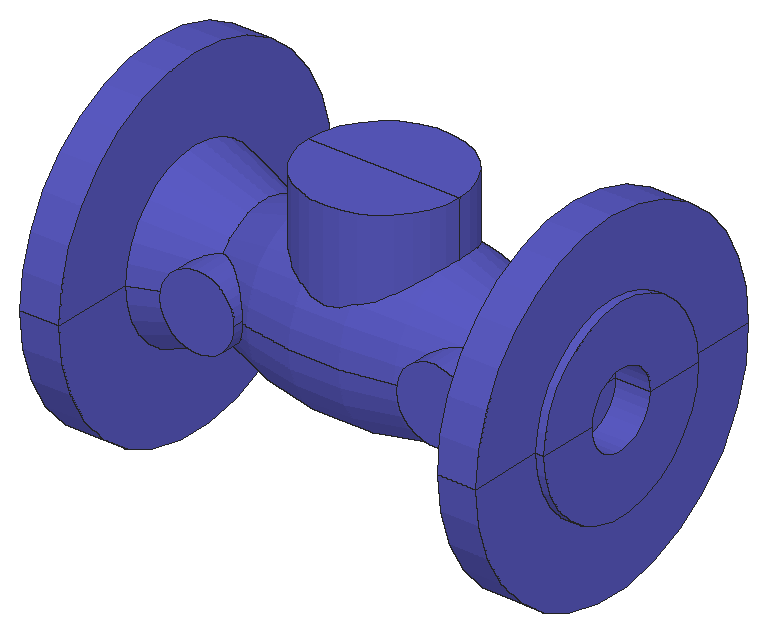
Revit family "HERZ Circuit chutoff valve 4218 AGF", category Rohrzubehör, Revit 2021
Family settings
  Bemaßung runder Anschluss = Durchmesser verwenden
  Teiletyp = Unterbricht
  Arbeitsebenenbasiert = Nein
  Immer vertikal = Ja
  Beim Laden mit Abzugskörper schneiden = Nein
  Gemeinsam genutzt = Nein
Parameters
  w = 10.00°  # constant formula
  Vorgabe-Ansicht = 0.00 mm
  Screw [instance] = if(Nennweite = 15.00 mm, "4x M12x50", if(Nennweite = 20.00 mm, "4x M12x55", if(Nennweite = 25.00 mm, "4x M12x55", if(Nennweite = 32.00 mm, "4x M16x60", if(Nennweite = 40.00 mm, "4x M16x60", if(Nennweite = 50.00 mm, "4x M16x60", if(Nennweite = 65.00 mm, "4x M16x60", if(Nennweite = 80.00 mm, "8x M16x65", if(Nennweite = 100.00 mm, "8x M16x65", if(Nennweite = 125.00 mm, "8x M16x70", if(Nennweite = 150.00 mm, "8x M20x70", if(Nennweite = 200.00 mm, "12x M20x75", if(Nennweite = 250.00 mm, "12x M24x85", if(Nennweite = 300.00 mm, "12x M24x85", if(Nennweite = 350.00 mm, "16x M24x90", "16x M27x100")))))))))))))))  # "4x M12x50"
  Medium = "Heating water quality according ÖNORM H5195 or VDI-Standard 2035. The use of ethylene or propylene glycol in a\nmixing ratio 25- 50% is allowed."
  Max. operating temperature up to DN 32 = 130 °C  # constant formula
  Max. operating temperature from DN 40 = 110 °C  # constant formula
  Max. operating pressure = 1600000.0 Pa  # constant formula
  m2 [instance] = size_lookup("4218_AGF", "m2", 22.00 mm, Nennweite)  # 22.00 mm
  m1 [instance] = 27.59 mm  # constant formula
  d1 [instance] = size_lookup("4218_AGF", "d1", 25.00 mm, Nennweite)  # 25.00 mm
  Valve = "upper part made of brass"  # constant formula
  Valve body = "cast iron GJL 250 according to EN 1561"  # constant formula
  URL = "www.herzvalves.com"
  SCRNSEQ = "ARM;ARM_TYP=\"ABSV\";2"
  SCRNCODE = "05;11;2"  # constant formula
  R05 [instance] = size_lookup("4218_AGF", "R05", 45.00 mm, Nennweite)  # 45.00 mm
  R04 [instance] = size_lookup("4218_AGF", "R04", 25.50 mm, Nennweite)  # 25.50 mm
  R03 [instance] = size_lookup("4218_AGF", "R03", 30.00 mm, Nennweite)  # 30.00 mm
  R02 [instance] = size_lookup("4218_AGF", "R02", 21.15 mm, Nennweite)  # 21.15 mm
  R01 [instance] = size_lookup("4218_AGF", "R01", 29.50 mm, Nennweite)  # 29.50 mm
  O-rings = "EPDM"  # constant formula
  Nennweite [instance] = 15.00 mm
  Lk [instance] = size_lookup("4218_AGF", "Lk", 32.50 mm, Nennweite)  # 32.50 mm
  L05 [instance] = 34.16 mm  # constant formula
  L04 [instance] = size_lookup("4218_AGF", "L04", 40.00 mm, Nennweite)  # 40.00 mm
  L03 [instance] = size_lookup("4218_AGF", "L03", 42.00 mm, Nennweite)  # 42.00 mm
  L02 [instance] = size_lookup("4218_AGF", "L02", 3.00 mm, Nennweite)  # 3.00 mm
  L01 [instance] = size_lookup("4218_AGF", "L01", 13.00 mm, Nennweite)  # 13.00 mm
  L [instance] = size_lookup("4218_AGF", "L", 160.00 mm, Nennweite)  # 160.00 mm
  Hersteller = "HERZ-Armaturen Ges.m.b.H."  # constant formula
  Dfl [instance] = size_lookup("4218_AGF", "Dfl", 57.50 mm, Nennweite)  # 57.50 mm
  DN80 [instance] = Nennweite = 80.00 mm  # no
  DN65-80 [instance] = or(Nennweite = 65.00 mm, Nennweite = 80.00 mm)  # no
  DN65 [instance] = Nennweite = 65.00 mm  # no
  DN50-80 [instance] = or(Nennweite = 50.00 mm, Nennweite = 65.00 mm, Nennweite = 80.00 mm)  # no
  DN50 [instance] = Nennweite = 50.00 mm  # no
  DN40 [instance] = Nennweite = 40.00 mm  # no
  DN32 [instance] = Nennweite = 32.00 mm  # no
  DN32-40 [instance] = or(Nennweite = 32.00 mm, Nennweite = 40.00 mm)  # no
  DN25-40 [instance] = or(Nennweite = 25.00 mm, Nennweite = 32.00 mm, Nennweite = 40.00 mm)  # no
  DN25 [instance] = Nennweite = 25.00 mm  # no
  D [instance] = size_lookup("4218_AGF", "D", 12.50 mm, Nennweite)  # 12.50 mm
  Part number [instance] = size_lookup("4218_AGF", "Artnr", 0, Nennweite)  # 0
  B [instance] = size_lookup("4218_AGF", "B", 58.00 mm, Nennweite)  # 58.00 mm
  Application = "For isolation in heating or cooling installations, risers, heat exchangers, heating and cooling systems."
Reference planes
  plane 1 "Mitte (Vorne/hinten)": y = 0
  plane 2: z = 0
  plane 3 "Mitte (Links/rechts)": x = 0
Forms (mm)
  Revolve 1, solid, material "Herz-Marineblau", detail levels fine
    sketch origin (1065, 0, 0) x (1, 0, 0) y (0, 1, 0)
      loop
        line (-1142, 57.5) -> (-1142, 32.5) -> (-1145, 32.5) -> (-1145, 12.5) -> (-1135, 12.5) -> (-1135, 0) -> (-997, 0) -> (-997, 12.5) -> (-985, 12.5) -> (-985, 32.5) -> (-988, 32.5) -> (-988, 57.5) -> (-1001, 57.5) -> (-1001, 29.5) -> (-1024.25, 21.15)
        arc (-1024.25, 21.15) -> (-1065, 30) -> (-1105.75, 21.15) r 98.242
        line (-1105.75, 21.15) -> (-1129, 29.5) -> (-1129, 57.5) -> (-1142, 57.5)
      axis (-985, 0) -> (-1145, 0)
    angle from 0 to 360
  Extrusion 2, solid, material "Herz-Marineblau", visible <- "DN25", detail levels fine
    sketch origin (0, 0, 0) x (1, 0, 0) y (0, 1, 0)
      loop
        arc (-40.75, -24.228) -> (0.085, -32.958) -> (40.917, -24.217) r 99.801
        line (40.917, -24.217) -> (40.917, 24.217)
        arc (40.917, 24.217) -> (0.085, 32.958) -> (-40.75, 24.228) r 99.801
        line (-40.75, 24.228) -> (-40.75, -24.228)
    from -12.5 to 12.5
  Extrusion 3, solid, material "Herz-Marineblau"
    sketch origin (0, 0, 0) x (1, 0, 0) y (0, 0, 1)
      loop
        circle (-40, 0) r 12.5
      loop
        circle (40, 0) r 12.5
    from -29 to 29
  Revolve 4, solid, visible <- "DN25"
    sketch origin (0, 0, 0) x (1, 0, 0) y (0, 0, 1)
      loop
        line (-42.018, 32) -> (-37.406, 5.845) -> (-26.573, 7.755) -> (-31.185, 33.91) -> (-42.018, 32)
      axis (-42.018, 32) -> (-37.406, 5.845)
    angle from 0 to 360
  Revolve 5, solid, visible <- "DN25"
    sketch origin (0, 0, 0) x (-1, 0, 0) y (0, 0, 1)
      loop
        line (-42.018, 32) -> (-37.406, 5.845) -> (-26.573, 7.755) -> (-31.185, 33.91) -> (-42.018, 32)
      axis (-42.018, 32) -> (-37.406, 5.845)
    angle from 0 to 360
  Revolve 6, solid, visible <- "DN32"
    sketch origin (-6, 0, 0) x (1, 0, 0) y (0, 0, 1)
      loop
        line (-42.018, 32) -> (-37.406, 5.845) -> (-26.573, 7.755) -> (-31.185, 33.91) -> (-42.018, 32)
      axis (-42.018, 32) -> (-37.406, 5.845)
    angle from 0 to 360
  Revolve 7, solid, visible <- "DN32"
    sketch origin (6, 0, 0) x (-1, 0, 0) y (0, 0, 1)
      loop
        line (-42.018, 32) -> (-37.406, 5.845) -> (-26.573, 7.755) -> (-31.185, 33.91) -> (-42.018, 32)
      axis (-42.018, 32) -> (-37.406, 5.845)
    angle from 0 to 360
  Revolve 8, solid, visible <- "DN40"
    sketch origin (-10, 0, 6) x (1, 0, 0) y (0, 0, 1)
      loop
        line (-42.018, 32) -> (-37.406, 5.845) -> (-26.573, 7.755) -> (-31.185, 33.91) -> (-42.018, 32)
      axis (-42.018, 32) -> (-37.406, 5.845)
    angle from 0 to 360
  Revolve 9, solid, visible <- "DN40"
    sketch origin (10, 0, 6) x (-1, 0, 0) y (0, 0, 1)
      loop
        line (-42.018, 32) -> (-37.406, 5.845) -> (-26.573, 7.755) -> (-31.185, 33.91) -> (-42.018, 32)
      axis (-42.018, 32) -> (-37.406, 5.845)
    angle from 0 to 360
  Revolve 10, solid, visible <- "DN50"
    sketch origin (-23, 0, 16) x (1, 0, 0) y (0, 0, 1)
      loop
        line (-42.018, 32) -> (-37.406, 5.845) -> (-26.573, 7.755) -> (-31.185, 33.91) -> (-42.018, 32)
      axis (-42.018, 32) -> (-37.406, 5.845)
    angle from 0 to 360
  Revolve 11, solid, visible <- "DN50"
    sketch origin (23, 0, 16) x (-1, 0, 0) y (0, 0, 1)
      loop
        line (-42.018, 32) -> (-37.406, 5.845) -> (-26.573, 7.755) -> (-31.185, 33.91) -> (-42.018, 32)
      axis (-42.018, 32) -> (-37.406, 5.845)
    angle from 0 to 360
  Revolve 12, solid, visible <- "DN65"
    sketch origin (-35, 0, 28) x (1, 0, 0) y (0, 0, 1)
      loop
        line (-42.018, 32) -> (-34.219, -12.231) -> (-18.954, -9.539) -> (-26.753, 34.692) -> (-42.018, 32)
      axis (-42.018, 32) -> (-34.219, -12.231)
    angle from 0 to 360
  Revolve 13, solid, visible <- "DN65"
    sketch origin (35, 0, 28) x (-1, 0, 0) y (0, 0, 1)
      loop
        line (-42.018, 32) -> (-34.219, -12.231) -> (-18.954, -9.539) -> (-26.753, 34.692) -> (-42.018, 32)
      axis (-42.018, 32) -> (-34.219, -12.231)
    angle from 0 to 360
  Revolve 14, solid, visible <- "DN80"
    sketch origin (-43, 0, 33) x (1, 0, 0) y (0, 0, 1)
      loop
        line (-42.018, 32) -> (-34.219, -12.231) -> (-18.954, -9.539) -> (-26.753, 34.692) -> (-42.018, 32)
      axis (-42.018, 32) -> (-34.219, -12.231)
    angle from 0 to 360
  Revolve 15, solid, visible <- "DN80"
    sketch origin (43, 0, 33) x (-1, 0, 0) y (0, 0, 1)
      loop
        line (-42.018, 32) -> (-34.219, -12.231) -> (-18.954, -9.539) -> (-26.753, 34.692) -> (-42.018, 32)
      axis (-42.018, 32) -> (-34.219, -12.231)
    angle from 0 to 360
  Revolve 16, solid, material "Herz-Marineblau"
    sketch origin (0, 0, 0) x (1, 0, 0) y (0, 0, 1)
      loop
        line (-0.018, 0) -> (25.5, 0) -> (25.5, 45) -> (-0.018, 45) -> (-0.018, 0)
      axis (-0.018, 45) -> (-0.018, 0)
    angle from 0 to 360
  Extrusion 17, solid, material "Herz-Marineblau", visible <- "DN32", detail levels fine
    sketch origin (0, 5, 0) x (1, 0, 0) y (0, 1, 0)
      loop
        arc (-50, -30.504) -> (0, -44.033) -> (50, -30.504) r 99.158
        line (50, -30.504) -> (50, 20.504)
        arc (50, 20.504) -> (0, 34.033) -> (-50, 20.504) r 99.158
        line (-50, 20.504) -> (-50, -30.504)
    from -12.5 to 12.5
  Extrusion 18, solid, material "Herz-Marineblau", visible <- "DN40", detail levels fine
    sketch origin (0, 7.139, 0) x (1, 0, 0) y (0, 1, 0)
      loop
        arc (-58.75, -37.243) -> (-0.086, -48.157) -> (58.607, -37.396) r 164.275
        line (58.607, -37.396) -> (58.607, 23.118)
        arc (58.607, 23.118) -> (-0.086, 33.878) -> (-58.75, 22.964) r 164.275
        line (-58.75, 22.964) -> (-58.75, -37.243)
    from -12.5 to 12.5
  Extrusion 19, solid, material "Herz-Marineblau", visible <- "DN50", detail levels fine
    sketch origin (0, 12.139, 0) x (1, 0, 0) y (0, 1, 0)
      loop
        arc (-70, -51.365) -> (-0.006, -58.136) -> (70, -51.487) r 368.507
        line (70, -51.487) -> (70, 27.208)
        arc (70, 27.208) -> (-0.006, 33.857) -> (-70, 27.086) r 368.507
        line (-70, 27.086) -> (-70, -51.365)
    from -12.5 to 12.5
  Extrusion 20, solid, material "Herz-Marineblau", visible <- "DN65", detail levels fine
    sketch origin (0, 17.139, 0) x (1, 0, 0) y (0, 1, 0)
      loop
        line (-89.879, 31.045) -> (-89.879, -65.324)
        arc (-89.879, -65.324) -> (0.112, -71.41) -> (90.111, -65.45) r 675.309
        line (90.111, -65.45) -> (90.111, 31.171)
        arc (90.111, 31.171) -> (0.112, 37.132) -> (-89.879, 31.045) r 675.309
    from -12.5 to 12.5
  Extrusion 21, solid, material "Herz-Marineblau", visible <- "DN80", detail levels fine
    sketch origin (0, 23.908, 0) x (1, 0, 0) y (0, 1, 0)
      loop
        line (-95.924, 29.668) -> (-95.924, -77.484)
        arc (-95.924, -77.484) -> (1.171, -81.507) -> (98.253, -77.179) r 1130.914
        line (98.253, -77.179) -> (98.253, 29.363)
        arc (98.253, 29.363) -> (1.171, 33.69) -> (-95.924, 29.668) r 1130.914
    from -12.5 to 12.5
  Revolve 22, solid, material "Messing, weicher Gelbton, geschweißt", visible <- "DN25"
    sketch origin (0, 0, 0) x (1, 0, 0) y (0, 0, 1)
      loop
        line (-15.927, 65) -> (-15.927, 50) -> (-24.821, 50) -> (-24.821, 45) -> (-0.018, 45) -> (-0.018, 87.982) -> (-7.018, 87.982) -> (-10.561, 84.439) -> (-10.561, 65) -> (-15.927, 65)
      axis (-0.018, 87.982) -> (-0.018, 45)
    angle from 0 to 360
  Revolve 23, solid, material "Messing, weicher Gelbton, geschweißt", visible <- "DN32-40"
    sketch origin (0, 0, 5) x (1, 0, 0) y (0, 0, 1)
      loop
        line (-15.927, 65) -> (-15.927, 50) -> (-24.821, 50) -> (-24.821, 45) -> (-0.018, 45) -> (-0.018, 82.982) -> (-7.018, 82.982) -> (-10.561, 79.439) -> (-10.561, 65) -> (-15.927, 65)
      axis (-0.018, 82.982) -> (-0.018, 45)
    angle from 0 to 360
  Revolve 24, solid, material "Messing, weicher Gelbton, geschweißt", visible <- "DN50"
    sketch origin (0, 0, 0) x (1, 0, 0) y (0, 0, 1)
      loop
        line (-30.605, 80.5) -> (-30.605, 65.5) -> (-39.5, 65.5) -> (-39.5, 60.5) -> (0, 60.5) -> (0, 103) -> (-17.179, 103) -> (-25.239, 94.939) -> (-25.239, 80.5) -> (-30.605, 80.5)
      axis (0, 103) -> (0, 60.5)
    angle from 0 to 360
  Revolve 25, solid, material "Messing, weicher Gelbton, geschweißt", visible <- "DN65-80"
    sketch origin (0, 0, 7.5) x (1, 0, 0) y (0, 0, 1)
      loop
        line (-30.605, 80.5) -> (-30.605, 65.5) -> (-39.5, 65.5) -> (-39.5, 60.5) -> (0, 60.5) -> (0, 95.5) -> (-17.179, 95.5) -> (-25.239, 87.439) -> (-25.239, 80.5) -> (-30.605, 80.5)
      axis (0, 95.5) -> (0, 60.5)
    angle from 0 to 360
  Extrusion 26, solid, material "Messing, weicher Gelbton, geschweißt", visible <- "DN25"
    sketch origin (0.537, 0, 6.073) x (0.984808, 0, 0.173648) y (0, 1, 0)
      loop
        line (-26.573, 0) -> (-31.989, 9.382) -> (-42.822, 9.382) -> (-48.239, 0) -> (-42.822, -9.382) -> (-31.989, -9.382) -> (-26.573, 0)
    from 32.922 to 35.92
  Extrusion 27, solid, material "Messing, weicher Gelbton, geschweißt", visible <- "DN40"
    sketch origin (-9.463, 0, 12.073) x (0.984808, 0, 0.173648) y (0, 1, 0)
      loop
        line (-26.573, 0) -> (-31.989, 9.382) -> (-42.822, 9.382) -> (-48.239, 0) -> (-42.822, -9.382) -> (-31.989, -9.382) -> (-26.573, 0)
    from 32.922 to 35.92
  Extrusion 28, solid, material "Messing, weicher Gelbton, geschweißt", visible <- "DN50"
    sketch origin (-22.463, 0, 22.073) x (0.984808, 0, 0.173648) y (0, 1, 0)
      loop
        line (-26.573, 0) -> (-31.989, 9.382) -> (-42.822, 9.382) -> (-48.239, 0) -> (-42.822, -9.382) -> (-31.989, -9.382) -> (-26.573, 0)
    from 32.922 to 35.92
  Extrusion 29, solid, material "Messing, weicher Gelbton, geschweißt", visible <- "DN80"
    sketch origin (-40.926, 0, 36.434) x (0.984808, 0, 0.173648) y (0, 1, 0)
      loop
        line (-24.656, 0) -> (-31.558, 11.956) -> (-45.364, 11.956) -> (-52.266, 0) -> (-45.364, -11.956) -> (-31.558, -11.956) -> (-24.656, 0)
    from 35.788 to 38.79
  Extrusion 30, solid, material "Messing, weicher Gelbton, geschweißt", visible <- "DN32"
    sketch origin (-5.463, 0, 6.073) x (0.984808, 0, 0.173648) y (0, 1, 0)
      loop
        line (-26.573, 0) -> (-31.989, 9.382) -> (-42.822, 9.382) -> (-48.239, 0) -> (-42.822, -9.382) -> (-31.989, -9.382) -> (-26.573, 0)
    from 32.922 to 35.92
  Extrusion 31, solid, material "Messing, weicher Gelbton, geschweißt", visible <- "DN25"
    sketch origin (-0.537, 0, 6.073) x (-0.984808, 0, 0.173648) y (0, -1, 0)
      loop
        line (-26.573, 0) -> (-31.989, 9.382) -> (-42.822, 9.382) -> (-48.239, 0) -> (-42.822, -9.382) -> (-31.989, -9.382) -> (-26.573, 0)
    from 32.922 to 35.92
  Extrusion 32, solid, material "Messing, weicher Gelbton, geschweißt", visible <- "DN40"
    sketch origin (9.463, 0, 12.073) x (-0.984808, 0, 0.173648) y (0, -1, 0)
      loop
        line (-26.573, 0) -> (-31.989, 9.382) -> (-42.822, 9.382) -> (-48.239, 0) -> (-42.822, -9.382) -> (-31.989, -9.382) -> (-26.573, 0)
    from 32.922 to 35.92
  Extrusion 33, solid, material "Messing, weicher Gelbton, geschweißt", visible <- "DN50"
    sketch origin (22.463, 0, 22.073) x (-0.984808, 0, 0.173648) y (0, -1, 0)
      loop
        line (-26.573, 0) -> (-31.989, 9.382) -> (-42.822, 9.382) -> (-48.239, 0) -> (-42.822, -9.382) -> (-31.989, -9.382) -> (-26.573, 0)
    from 32.922 to 35.92
  Extrusion 34, solid, material "Messing, weicher Gelbton, geschweißt", visible <- "DN32"
    sketch origin (5.463, 0, 6.073) x (-0.984808, 0, 0.173648) y (0, -1, 0)
      loop
        line (-26.573, 0) -> (-31.989, 9.382) -> (-42.822, 9.382) -> (-48.239, 0) -> (-42.822, -9.382) -> (-31.989, -9.382) -> (-26.573, 0)
    from 32.922 to 35.92
  Extrusion 35, solid, material "Messing, weicher Gelbton, geschweißt", visible <- "DN65"
    sketch origin (-32.926, 0, 31.434) x (0.984808, 0, 0.173648) y (0, 1, 0)
      loop
        line (-24.656, 0) -> (-31.558, 11.956) -> (-45.364, 11.956) -> (-52.266, 0) -> (-45.364, -11.956) -> (-31.558, -11.956) -> (-24.656, 0)
    from 35.788 to 38.79
  Extrusion 36, solid, material "Messing, weicher Gelbton, geschweißt", visible <- "DN80"
    sketch origin (40.926, 0, 36.434) x (-0.984808, 0, 0.173648) y (0, -1, 0)
      loop
        line (-24.656, 0) -> (-31.558, 11.956) -> (-45.364, 11.956) -> (-52.266, 0) -> (-45.364, -11.956) -> (-31.558, -11.956) -> (-24.656, 0)
    from 35.788 to 38.79
  Extrusion 37, solid, material "Messing, weicher Gelbton, geschweißt", visible <- "DN65"
    sketch origin (32.926, 0, 31.434) x (-0.984808, 0, 0.173648) y (0, -1, 0)
      loop
        line (-24.656, 0) -> (-31.558, 11.956) -> (-45.364, 11.956) -> (-52.266, 0) -> (-45.364, -11.956) -> (-31.558, -11.956) -> (-24.656, 0)
    from 35.788 to 38.79
Lines and regions (mm)
  model lines
    curve 1: line (-42.018, 0, 0) -> (-42.018, 0, 32)
    curve 2: line (-0.018, 0, 0) -> (-48.018, 0, 0)
    curve 3: line (-48.018, 0, 0) -> (-48.018, 0, 32)
    curve 4: line (-0.018, 0, 0) -> (-52.018, 0, 0)
    curve 5: line (-52.018, 0, 0) -> (-52.018, 0, 38)
    curve 6: line (-0.018, 0, 0) -> (-65.018, 0, 0)
    curve 7: line (-65.018, 0, 0) -> (-65.018, 0, 48)
    curve 8: line (-0.018, 0, 0) -> (-77.018, 0, 0)
    curve 9: line (-77.018, 0, 0) -> (-77.018, 0, 60)
    curve 10: line (-0.018, 0, 0) -> (-85.018, 0, 0)
    curve 11: line (-100.282, 0, 0) -> (-69.753, 0, 0)
    curve 12: line (-92.474, 0, 0) -> (-61.753, 0, 0)
Dimensions and locks
  "Dfl": plane 1 "Mitte (Vorne/hinten)" to Revolve 1 sketch curve
  "Lk": plane 1 "Mitte (Vorne/hinten)" to Revolve 1 sketch curve
  "D": plane 1 "Mitte (Vorne/hinten)" to Revolve 1 sketch curve
  "L": Revolve 1 sketch curve to Revolve 1 sketch curve
  "L01": Revolve 1 sketch curve to Revolve 1 sketch curve  (x2)
  "L02": Revolve 1 sketch curve to Revolve 1 sketch curve  (x2)
  equal spacing: Revolve 1 sketch curve, plane 3 "Mitte (Links/rechts)", Revolve 1 sketch curve  (x2)
  "L04": plane 3 "Mitte (Links/rechts)" to Extrusion 3 sketch curve
  "L04": Extrusion 3 sketch curve to plane 3 "Mitte (Links/rechts)"
  "B": Extrusion 3 to Extrusion 3
  equal spacing: Extrusion 3, plane 1 "Mitte (Vorne/hinten)", Extrusion 3
  "D": Revolve 1 sketch curve to plane 1 "Mitte (Vorne/hinten)"
  "Lk": Revolve 1 sketch curve to plane 1 "Mitte (Vorne/hinten)"
  "Dfl": Revolve 1 sketch curve to plane 1 "Mitte (Vorne/hinten)"
  "R02": plane 1 "Mitte (Vorne/hinten)" to Revolve 1 sketch curve  (x2)
  "R01": plane 1 "Mitte (Vorne/hinten)" to Revolve 1 sketch curve  (x2)
  "R03": plane 1 "Mitte (Vorne/hinten)" to Revolve 1 sketch curve
  Revolve 4 sketch curve to Revolve 4 sketch curve = 11.00 mm
  Revolve 4 sketch curve to Revolve 4 sketch curve = 26.559 mm
  Revolve 5 sketch curve to Revolve 5 sketch curve = 11.00 mm
  Revolve 5 sketch curve to Revolve 5 sketch curve = 26.559 mm
  Revolve 6 sketch curve to Revolve 6 sketch curve = 11.00 mm
  Revolve 6 sketch curve to Revolve 6 sketch curve = 26.559 mm
  Revolve 7 sketch curve to Revolve 7 sketch curve = 11.00 mm
  Revolve 7 sketch curve to Revolve 7 sketch curve = 26.559 mm
  Revolve 8 sketch curve to Revolve 8 sketch curve = 11.00 mm
  Revolve 8 sketch curve to Revolve 8 sketch curve = 26.559 mm
  Revolve 9 sketch curve to Revolve 9 sketch curve = 11.00 mm
  Revolve 9 sketch curve to Revolve 9 sketch curve = 26.559 mm
  Revolve 10 sketch curve to Revolve 10 sketch curve = 11.00 mm
  Revolve 10 sketch curve to Revolve 10 sketch curve = 26.559 mm
  Revolve 11 sketch curve to Revolve 11 sketch curve = 11.00 mm
  Revolve 11 sketch curve to Revolve 11 sketch curve = 26.559 mm
  Revolve 12 sketch curve to Revolve 12 sketch curve = 15.50 mm
  Revolve 12 sketch curve to Revolve 12 sketch curve = 44.913 mm
  Revolve 13 sketch curve to Revolve 13 sketch curve = 15.50 mm
  Revolve 13 sketch curve to Revolve 13 sketch curve = 44.913 mm
  Revolve 14 sketch curve to Revolve 14 sketch curve = 15.50 mm
  Revolve 14 sketch curve to Revolve 14 sketch curve = 44.913 mm
  Revolve 15 sketch curve to Revolve 15 sketch curve = 15.50 mm
  Revolve 15 sketch curve to Revolve 15 sketch curve = 44.913 mm
  "R05": Revolve 16 sketch curve to plane 2
  "R04": plane 3 "Mitte (Links/rechts)" to Revolve 16 sketch curve
  nested 5 to plane 2 = 88.00 mm
  nested 7 to plane 2 = 103.00 mm
  "d1": diameter of Extrusion 3 sketch curve  (x2)
  aligned and locked: level to plane 2
Automatic sketch dimensions
  curve 10 to level = 0.00 mm
  curve 8 to level = 0.00 mm
  curve 5 to level = 0.00 mm
  curve 10 to plane 3 "Mitte (Links/rechts)" = 85.018 mm
  curve 10 to curve 8 = 8.00 mm
  curve 8 to curve 7 = 12.00 mm
  curve 6 to curve 5 = 13.00 mm
  curve 4 to curve 2 = 4.00 mm
  curve 4 to plane 3 "Mitte (Links/rechts)" = 0.018 mm
  curve 6 to curve 2 = 0.00 mm
  curve 3 to curve 1 = 6.00 mm
  curve 10 to curve 2 = 0.00 mm
  level to curve 3 = 32.00 mm
  curve 1 to curve 3 = 0.00 mm
  curve 3 to curve 5 = 6.00 mm
  curve 5 to curve 7 = 10.00 mm
  curve 7 to curve 9 = 12.00 mm
  plane 1 "Mitte (Vorne/hinten)" to curve 11 = 0.00 mm
  plane 1 "Mitte (Vorne/hinten)" to curve 12 = 0.00 mm
  curve 11 to plane 3 "Mitte (Links/rechts)" = 100.282 mm
  curve 11 to curve 12 = 7.808 mm
  curve 12 to curve 11 = 22.721 mm
  curve 11 to curve 12 = 8.00 mm
  Extrusion 2 sketch curve to plane 3 "Mitte (Links/rechts)" = 40.75 mm
  plane 3 "Mitte (Links/rechts)" to Extrusion 2 sketch curve = 0.071 mm  (x2)
  plane 1 "Mitte (Vorne/hinten)" to Extrusion 2 sketch curve = 24.217 mm
  plane 3 "Mitte (Links/rechts)" to Extrusion 2 sketch curve = 40.917 mm
  plane 1 "Mitte (Vorne/hinten)" to Extrusion 2 sketch curve = 24.228 mm
  Extrusion 2 sketch curve to Extrusion 2 sketch curve = 42.614 mm
  Extrusion 2 sketch curve to plane 1 "Mitte (Vorne/hinten)" = 24.217 mm
  Revolve 4 sketch curve to plane 3 "Mitte (Links/rechts)" = 42.018 mm
  level to Revolve 4 sketch curve = 5.845 mm  (x2)
  Revolve 4 sketch curve to Revolve 4 sketch curve = 4.612 mm
  Revolve 4 sketch curve to Revolve 4 sketch curve = 10.833 mm
  level to Revolve 4 sketch curve = 32.00 mm
  Revolve 5 sketch curve to plane 3 "Mitte (Links/rechts)" = 42.018 mm
  Revolve 5 sketch curve to level = 5.845 mm  (x2)
  Revolve 5 sketch curve to Revolve 5 sketch curve = 4.612 mm
  Revolve 5 sketch curve to Revolve 5 sketch curve = 10.833 mm
  Revolve 5 sketch curve to level = 32.00 mm
  Revolve 6 sketch curve to plane 3 "Mitte (Links/rechts)" = 48.018 mm
  level to Revolve 6 sketch curve = 5.845 mm  (x2)
  Revolve 6 sketch curve to Revolve 6 sketch curve = 4.612 mm
  level to Revolve 6 sketch curve = 33.91 mm
  level to Revolve 6 sketch curve = 32.00 mm
  Revolve 7 sketch curve to plane 3 "Mitte (Links/rechts)" = 48.018 mm
  Revolve 7 sketch curve to level = 5.845 mm  (x2)
  Revolve 7 sketch curve to Revolve 7 sketch curve = 4.612 mm
  Revolve 7 sketch curve to level = 33.91 mm
  Revolve 7 sketch curve to level = 32.00 mm
  Revolve 8 sketch curve to plane 3 "Mitte (Links/rechts)" = 52.018 mm
  level to Revolve 8 sketch curve = 11.845 mm  (x2)
  Revolve 8 sketch curve to Revolve 8 sketch curve = 4.612 mm
  level to Revolve 8 sketch curve = 39.91 mm
  level to Revolve 8 sketch curve = 38.00 mm
  Revolve 9 sketch curve to plane 3 "Mitte (Links/rechts)" = 52.018 mm
  Revolve 9 sketch curve to level = 11.845 mm  (x2)
  Revolve 9 sketch curve to Revolve 9 sketch curve = 4.612 mm
  Revolve 9 sketch curve to level = 39.91 mm
  Revolve 9 sketch curve to level = 38.00 mm
  Revolve 10 sketch curve to plane 3 "Mitte (Links/rechts)" = 65.018 mm
  level to Revolve 10 sketch curve = 21.845 mm  (x2)
  Revolve 10 sketch curve to Revolve 10 sketch curve = 4.612 mm
  level to Revolve 10 sketch curve = 49.91 mm
  level to Revolve 10 sketch curve = 48.00 mm
  Revolve 11 sketch curve to plane 3 "Mitte (Links/rechts)" = 65.018 mm
  Revolve 11 sketch curve to level = 21.845 mm  (x2)
  Revolve 11 sketch curve to Revolve 11 sketch curve = 4.612 mm
  Revolve 11 sketch curve to level = 49.91 mm
  Revolve 11 sketch curve to level = 48.00 mm
  Revolve 12 sketch curve to plane 3 "Mitte (Links/rechts)" = 77.018 mm
  level to Revolve 12 sketch curve = 15.769 mm
  Revolve 12 sketch curve to Revolve 12 sketch curve = 7.799 mm
  Revolve 12 sketch curve to Revolve 12 sketch curve = 15.265 mm
  level to Revolve 12 sketch curve = 60.00 mm
  level to Revolve 12 sketch curve = 33.845 mm
  Revolve 13 sketch curve to plane 3 "Mitte (Links/rechts)" = 77.018 mm
  Revolve 13 sketch curve to level = 15.769 mm
  Revolve 13 sketch curve to Revolve 13 sketch curve = 7.799 mm
  Revolve 13 sketch curve to Revolve 13 sketch curve = 15.265 mm
  Revolve 13 sketch curve to level = 60.00 mm
  Revolve 13 sketch curve to level = 33.845 mm
  Revolve 14 sketch curve to plane 3 "Mitte (Links/rechts)" = 85.018 mm
  level to Revolve 14 sketch curve = 20.769 mm
  Revolve 14 sketch curve to Revolve 14 sketch curve = 7.799 mm
  level to Revolve 14 sketch curve = 67.692 mm
  level to Revolve 14 sketch curve = 65.00 mm
  level to Revolve 14 sketch curve = 38.845 mm
  Revolve 15 sketch curve to plane 3 "Mitte (Links/rechts)" = 85.018 mm
  Revolve 15 sketch curve to level = 20.769 mm
  Revolve 15 sketch curve to Revolve 15 sketch curve = 7.799 mm
  Revolve 15 sketch curve to level = 67.692 mm
  Revolve 15 sketch curve to level = 65.00 mm
  Revolve 15 sketch curve to level = 38.845 mm
  Extrusion 17 sketch curve to plane 3 "Mitte (Links/rechts)" = 0.00 mm  (x2)
  Extrusion 17 sketch curve to plane 1 "Mitte (Vorne/hinten)" = 25.504 mm
  Extrusion 17 sketch curve to plane 3 "Mitte (Links/rechts)" = 50.00 mm
  plane 1 "Mitte (Vorne/hinten)" to Extrusion 17 sketch curve = 25.504 mm
  plane 3 "Mitte (Links/rechts)" to Extrusion 17 sketch curve = 50.00 mm
  plane 1 "Mitte (Vorne/hinten)" to Extrusion 17 sketch curve = 60.125 mm
  Extrusion 17 sketch curve to plane 1 "Mitte (Vorne/hinten)" = 60.125 mm
  Extrusion 18 sketch curve to plane 3 "Mitte (Links/rechts)" = 58.75 mm
  plane 3 "Mitte (Links/rechts)" to Extrusion 18 sketch curve = 0.129 mm  (x2)
  plane 1 "Mitte (Vorne/hinten)" to Extrusion 18 sketch curve = 30.257 mm
  plane 3 "Mitte (Links/rechts)" to Extrusion 18 sketch curve = 58.607 mm
  Extrusion 18 sketch curve to Extrusion 18 sketch curve = 93.00 mm
  plane 1 "Mitte (Vorne/hinten)" to Extrusion 18 sketch curve = 30.103 mm
  Extrusion 18 sketch curve to plane 1 "Mitte (Vorne/hinten)" = 30.103 mm
  Extrusion 19 sketch curve to plane 3 "Mitte (Links/rechts)" = 70.00 mm
  plane 3 "Mitte (Links/rechts)" to Extrusion 19 sketch curve = 0.315 mm  (x2)
  plane 1 "Mitte (Vorne/hinten)" to Extrusion 19 sketch curve = 39.348 mm
  plane 3 "Mitte (Links/rechts)" to Extrusion 19 sketch curve = 70.00 mm
  Extrusion 19 sketch curve to Extrusion 19 sketch curve = 283.163 mm
  plane 1 "Mitte (Vorne/hinten)" to Extrusion 19 sketch curve = 39.226 mm
  Extrusion 19 sketch curve to plane 1 "Mitte (Vorne/hinten)" = 39.226 mm
  Extrusion 20 sketch curve to plane 3 "Mitte (Links/rechts)" = 89.879 mm
  plane 3 "Mitte (Links/rechts)" to Extrusion 20 sketch curve = 0.585 mm  (x2)
  plane 3 "Mitte (Links/rechts)" to Extrusion 20 sketch curve = 90.111 mm
  plane 1 "Mitte (Vorne/hinten)" to Extrusion 20 sketch curve = 621.038 mm
  plane 1 "Mitte (Vorne/hinten)" to Extrusion 20 sketch curve = 48.311 mm
  plane 1 "Mitte (Vorne/hinten)" to Extrusion 20 sketch curve = 48.185 mm
  Extrusion 20 sketch curve to plane 1 "Mitte (Vorne/hinten)" = 48.185 mm
  Extrusion 21 sketch curve to plane 3 "Mitte (Links/rechts)" = 95.924 mm
  Extrusion 21 sketch curve to plane 3 "Mitte (Links/rechts)" = 0.606 mm  (x2)
  plane 1 "Mitte (Vorne/hinten)" to Extrusion 21 sketch curve = 53.271 mm
  plane 3 "Mitte (Links/rechts)" to Extrusion 21 sketch curve = 98.253 mm
  plane 1 "Mitte (Vorne/hinten)" to Extrusion 21 sketch curve = 53.576 mm
  Extrusion 21 sketch curve to Extrusion 21 sketch curve = 1019.737 mm
  Extrusion 21 sketch curve to plane 1 "Mitte (Vorne/hinten)" = 53.271 mm
  Revolve 22 sketch curve to plane 3 "Mitte (Links/rechts)" = 24.821 mm
  Revolve 22 sketch curve to Revolve 22 sketch curve = 8.895 mm
  Revolve 22 sketch curve to Revolve 22 sketch curve = 5.366 mm
  Revolve 22 sketch curve to Revolve 22 sketch curve = 3.543 mm  (x2)
  Revolve 22 sketch curve to plane 3 "Mitte (Links/rechts)" = 0.018 mm
  level to Revolve 22 sketch curve = 45.00 mm
  Revolve 22 sketch curve to Revolve 22 sketch curve = 5.00 mm
  Revolve 22 sketch curve to Revolve 22 sketch curve = 15.00 mm
  Revolve 22 sketch curve to Revolve 22 sketch curve = 19.439 mm
  Revolve 22 sketch curve to Revolve 22 sketch curve = 0.00 mm  (x3)
  Revolve 23 sketch curve to plane 3 "Mitte (Links/rechts)" = 24.821 mm
  Revolve 23 sketch curve to Revolve 23 sketch curve = 8.895 mm
  Revolve 23 sketch curve to Revolve 23 sketch curve = 5.366 mm
  Revolve 23 sketch curve to Revolve 23 sketch curve = 3.543 mm  (x2)
  Revolve 23 sketch curve to plane 3 "Mitte (Links/rechts)" = 0.018 mm
  level to Revolve 23 sketch curve = 50.00 mm
  Revolve 23 sketch curve to Revolve 23 sketch curve = 5.00 mm  (x2)
  Revolve 23 sketch curve to Revolve 23 sketch curve = 15.00 mm
  Revolve 23 sketch curve to Revolve 23 sketch curve = 14.439 mm
  Revolve 23 sketch curve to Revolve 23 sketch curve = 0.00 mm  (x2)
  Revolve 24 sketch curve to plane 3 "Mitte (Links/rechts)" = 0.00 mm  (x2)
  Revolve 24 sketch curve to plane 3 "Mitte (Links/rechts)" = 17.179 mm
  Revolve 24 sketch curve to Revolve 24 sketch curve = 8.061 mm  (x2)
  Revolve 24 sketch curve to Revolve 24 sketch curve = 5.366 mm
  Revolve 24 sketch curve to Revolve 24 sketch curve = 8.895 mm
  level to Revolve 24 sketch curve = 60.50 mm
  Revolve 24 sketch curve to Revolve 24 sketch curve = 5.00 mm
  Revolve 24 sketch curve to Revolve 24 sketch curve = 15.00 mm
  Revolve 24 sketch curve to Revolve 24 sketch curve = 14.439 mm
  Revolve 24 sketch curve to Revolve 24 sketch curve = 0.00 mm  (x2)
  Revolve 25 sketch curve to plane 3 "Mitte (Links/rechts)" = 0.00 mm  (x2)
  Revolve 25 sketch curve to plane 3 "Mitte (Links/rechts)" = 17.179 mm
  Revolve 25 sketch curve to Revolve 25 sketch curve = 8.061 mm  (x2)
  Revolve 25 sketch curve to Revolve 25 sketch curve = 5.366 mm
  Revolve 25 sketch curve to Revolve 25 sketch curve = 8.895 mm
  level to Revolve 25 sketch curve = 68.00 mm
  Revolve 25 sketch curve to Revolve 25 sketch curve = 5.00 mm
  Revolve 25 sketch curve to Revolve 25 sketch curve = 15.00 mm
  Revolve 25 sketch curve to Revolve 25 sketch curve = 6.939 mm
  Revolve 25 sketch curve to Revolve 25 sketch curve = 0.00 mm
  Revolve 25 sketch curve to Revolve 25 sketch curve = 7.50 mm
  plane 1 "Mitte (Vorne/hinten)" to Extrusion 26 sketch curve = 0.00 mm  (x2)
  Extrusion 26 sketch curve to Extrusion 26 sketch curve = 5.416 mm  (x3)
  plane 1 "Mitte (Vorne/hinten)" to Extrusion 26 sketch curve = 9.382 mm
  Extrusion 26 sketch curve to Extrusion 26 sketch curve = 10.833 mm  (x2)
  Extrusion 26 sketch curve to plane 1 "Mitte (Vorne/hinten)" = 9.382 mm
  plane 1 "Mitte (Vorne/hinten)" to Extrusion 27 sketch curve = 0.00 mm  (x2)
  Extrusion 27 sketch curve to Extrusion 27 sketch curve = 5.416 mm  (x3)
  plane 1 "Mitte (Vorne/hinten)" to Extrusion 27 sketch curve = 9.382 mm
  Extrusion 27 sketch curve to Extrusion 27 sketch curve = 10.833 mm  (x2)
  Extrusion 27 sketch curve to plane 1 "Mitte (Vorne/hinten)" = 9.382 mm
  plane 1 "Mitte (Vorne/hinten)" to Extrusion 28 sketch curve = 0.00 mm  (x2)
  Extrusion 28 sketch curve to Extrusion 28 sketch curve = 5.416 mm  (x3)
  plane 1 "Mitte (Vorne/hinten)" to Extrusion 28 sketch curve = 9.382 mm
  Extrusion 28 sketch curve to Extrusion 28 sketch curve = 10.833 mm  (x2)
  Extrusion 28 sketch curve to plane 1 "Mitte (Vorne/hinten)" = 9.382 mm
  plane 1 "Mitte (Vorne/hinten)" to Extrusion 29 sketch curve = 0.00 mm  (x2)
  Extrusion 29 sketch curve to Extrusion 29 sketch curve = 6.903 mm  (x3)
  plane 1 "Mitte (Vorne/hinten)" to Extrusion 29 sketch curve = 11.956 mm
  Extrusion 29 sketch curve to Extrusion 29 sketch curve = 13.805 mm  (x2)
  Extrusion 29 sketch curve to plane 1 "Mitte (Vorne/hinten)" = 11.956 mm
  plane 1 "Mitte (Vorne/hinten)" to Extrusion 30 sketch curve = 0.00 mm  (x2)
  Extrusion 30 sketch curve to Extrusion 30 sketch curve = 5.416 mm  (x3)
  plane 1 "Mitte (Vorne/hinten)" to Extrusion 30 sketch curve = 9.382 mm
  Extrusion 30 sketch curve to Extrusion 30 sketch curve = 10.833 mm  (x2)
  Extrusion 30 sketch curve to plane 1 "Mitte (Vorne/hinten)" = 9.382 mm
  plane 1 "Mitte (Vorne/hinten)" to Extrusion 31 sketch curve = 0.00 mm  (x2)
  Extrusion 31 sketch curve to Extrusion 31 sketch curve = 5.416 mm  (x3)
  plane 1 "Mitte (Vorne/hinten)" to Extrusion 31 sketch curve = 9.382 mm
  Extrusion 31 sketch curve to Extrusion 31 sketch curve = 10.833 mm  (x2)
  Extrusion 31 sketch curve to plane 1 "Mitte (Vorne/hinten)" = 9.382 mm
  plane 1 "Mitte (Vorne/hinten)" to Extrusion 32 sketch curve = 0.00 mm  (x2)
  Extrusion 32 sketch curve to Extrusion 32 sketch curve = 5.416 mm  (x3)
  plane 1 "Mitte (Vorne/hinten)" to Extrusion 32 sketch curve = 9.382 mm
  Extrusion 32 sketch curve to Extrusion 32 sketch curve = 10.833 mm  (x2)
  Extrusion 32 sketch curve to plane 1 "Mitte (Vorne/hinten)" = 9.382 mm
  plane 1 "Mitte (Vorne/hinten)" to Extrusion 33 sketch curve = 0.00 mm  (x2)
  Extrusion 33 sketch curve to Extrusion 33 sketch curve = 5.416 mm  (x3)
  plane 1 "Mitte (Vorne/hinten)" to Extrusion 33 sketch curve = 9.382 mm
  Extrusion 33 sketch curve to Extrusion 33 sketch curve = 10.833 mm  (x2)
  Extrusion 33 sketch curve to plane 1 "Mitte (Vorne/hinten)" = 9.382 mm
  plane 1 "Mitte (Vorne/hinten)" to Extrusion 34 sketch curve = 0.00 mm  (x2)
  Extrusion 34 sketch curve to Extrusion 34 sketch curve = 5.416 mm  (x3)
  plane 1 "Mitte (Vorne/hinten)" to Extrusion 34 sketch curve = 9.382 mm
  Extrusion 34 sketch curve to Extrusion 34 sketch curve = 10.833 mm  (x2)
  Extrusion 34 sketch curve to plane 1 "Mitte (Vorne/hinten)" = 9.382 mm
  plane 1 "Mitte (Vorne/hinten)" to Extrusion 35 sketch curve = 0.00 mm  (x2)
  Extrusion 35 sketch curve to Extrusion 35 sketch curve = 6.903 mm  (x3)
  plane 1 "Mitte (Vorne/hinten)" to Extrusion 35 sketch curve = 11.956 mm
  Extrusion 35 sketch curve to Extrusion 35 sketch curve = 13.805 mm  (x2)
  Extrusion 35 sketch curve to plane 1 "Mitte (Vorne/hinten)" = 11.956 mm
  plane 1 "Mitte (Vorne/hinten)" to Extrusion 36 sketch curve = 0.00 mm  (x2)
  Extrusion 36 sketch curve to Extrusion 36 sketch curve = 6.903 mm  (x3)
  plane 1 "Mitte (Vorne/hinten)" to Extrusion 36 sketch curve = 11.956 mm
  Extrusion 36 sketch curve to Extrusion 36 sketch curve = 13.805 mm  (x2)
  Extrusion 36 sketch curve to plane 1 "Mitte (Vorne/hinten)" = 11.956 mm
  plane 1 "Mitte (Vorne/hinten)" to Extrusion 37 sketch curve = 0.00 mm  (x2)
  Extrusion 37 sketch curve to Extrusion 37 sketch curve = 6.903 mm  (x3)
  plane 1 "Mitte (Vorne/hinten)" to Extrusion 37 sketch curve = 11.956 mm
  Extrusion 37 sketch curve to Extrusion 37 sketch curve = 13.805 mm  (x2)
  Extrusion 37 sketch curve to plane 1 "Mitte (Vorne/hinten)" = 11.956 mm
  Revolve 1 sketch curve to plane 1 "Mitte (Vorne/hinten)" = 0.00 mm
  plane 1 "Mitte (Vorne/hinten)" to Revolve 1 sketch curve = 0.00 mm
  Revolve 1 sketch curve to Revolve 1 sketch curve = 10.00 mm
  Revolve 1 sketch curve to Revolve 1 sketch curve = 23.25 mm
  Revolve 1 sketch curve to Revolve 1 sketch curve = 12.00 mm
  Revolve 1 sketch curve to Revolve 1 sketch curve = 1920.00 mm  (x2)
  Extrusion 3 sketch curve to level = 0.00 mm  (x2)
  Revolve 16 sketch curve to level = 0.00 mm  (x2)
  Revolve 16 sketch curve to plane 3 "Mitte (Links/rechts)" = 0.018 mm
  Revolve 16 sketch curve to Revolve 16 sketch curve = 0.00 mm  (x2)
Nested families
  nested 1: "Herz-Logo-vorne" at (-0.018, -32.861, 0) x (0, 1, 0) z (0, 0, 1), visible <- "DN25", type "Herz-Logo-vorne", detail levels fine
  nested 2: "Herz-Logo-vorne" at (-0.018, -38.932, 0) x (0, 1, 0) z (0, 0, 1), visible <- "DN32", type "Herz-Logo-vorne", detail levels fine
  nested 3: "Herz-Logo-vorne" at (-0.018, -40.835, 0) x (0, 1, 0) z (0, 0, 1), visible <- "DN40", type "Herz-Logo-vorne", detail levels fine
  nested 4: "Herz-Logo-vorne" at (-0.018, -57.6, 0) x (0, 1, 0) z (0, 0, 1), visible <- "DN80", type "Herz-Logo-vorne", detail levels fine
  nested 5: "Strömax-Handrad" at (0, 0, 88), visible <- "DN25-40", type "Strömax-Handrad"
    with Nennweite 0.00 mm, Gewicht 0.00 kg, Bestellnummer 0
  nested 6: "Herz-Logo" at (0, 9.517, 109.445), visible <- "DN25-40", type "Herz-Logo"
  nested 7: "Strömax-Handrad-DN50-80" at (0, 0, 103), visible <- "DN50-80", type "Strömax-Handrad-DN50-80"
    with Nennweite 0.00 mm, Gewicht 0.00 kg, Bestellnummer 0
  nested 8: "Herz-Logo-vorne" at (0, -46.065, 0) x (0, 1, 0) z (0, 0, 1), visible <- "DN50", type "Herz-Logo-vorne", detail levels fine
  nested 9: "Herz-Logo-vorne" at (-0.018, -54.253, 0) x (0, 1, 0) z (0, 0, 1), visible <- "DN65", type "Herz-Logo-vorne", detail levels fine
Connectors
  piping at (-80, 0, 0), diameter 15, driven by "Nennweite"
    settings: on Revolve 1, index 1, connector inside diameter 609.6 mm, connector length 0.00 mm, flow factor 0, pipe flow 0.0 L/s, pressure drop 0.0 Pa, fitting loss kfactor 0, connector angle 0.00°, fixture units 0, engagement length 0.00 mm, angle of deflection 0.00°, flow configuration 0, flow direction 1, fitting loss method 0, system type 29, joint type 0, gender type 0, connector reference index -1, connector utility 0, adjustable connector no, is connector primary yes, connector description ""
  piping at (80, 0, 0), diameter 15, driven by "Nennweite"
    settings: on Revolve 1, index 2, connector inside diameter 609.6 mm, connector length 0.00 mm, flow factor 0, pipe flow 0.0 L/s, pressure drop 0.0 Pa, fitting loss kfactor 0, connector angle 0.00°, fixture units 0, engagement length 0.00 mm, angle of deflection 0.00°, flow configuration 0, flow direction 2, fitting loss method 0, system type 29, joint type 0, gender type 0, connector reference index -1, connector utility 0, adjustable connector no, is connector primary no, connector description ""
Definition of nested family "Herz-Logo-vorne"
  Parameters (values of type "Herz-Logo-vorne")
    Default Elevation = 0.00 mm
  Reference planes
    plane 1 "Mitte (Vorne/hinten)": y = 0
    plane 2: z = 0
    plane 3 "Mitte (Links/rechts)": x = 0
  Forms (mm)
    Extrusion 1, solid
      sketch origin (0.732, -0.018, 0.017) x (0, -1, 0) y (0, 0, 1)
        loop
          line (-0.018, -4.517) -> (4.482, -4.517) -> (4.482, 4.483) -> (-4.518, 4.483) -> (-4.518, -4.517) -> (-0.018, -4.517)
        loop
          line (-0.05, -3.48) -> (3.482, -3.48) -> (3.482, 3.483) -> (-3.518, 3.483) -> (-3.518, -3.48) -> (-0.05, -3.48)
        loop
          arc (-0.018, 2.383) -> (-1.543, 3.287) -> (-3.067, 2.383) r 1.738
          arc (-3.067, 2.383) -> (-3.191, 1.899) -> (-3.067, 1.415) r 1.009
          line (-3.067, 1.415) -> (-0.018, -3.281) -> (3.032, 1.415)
          arc (3.032, 1.415) -> (3.156, 1.899) -> (3.032, 2.383) r 1.009
          arc (3.032, 2.383) -> (1.507, 3.287) -> (-0.018, 2.383) r 1.738
        loop
          arc (1.885, 1.272) -> (2.005, 1.675) -> (1.885, 2.079) r 0.74
          arc (1.885, 2.079) -> (1.265, 2.416) -> (0.644, 2.079) r 0.74
          line (0.644, 2.079) -> (-0.018, 0.97) -> (-0.679, 2.079)
          arc (-0.679, 2.079) -> (-1.3, 2.416) -> (-1.921, 2.079) r 0.74
          arc (-1.921, 2.079) -> (-2.04, 1.675) -> (-1.921, 1.272) r 0.74
          line (-1.921, 1.272) -> (-0.018, -1.658) -> (1.885, 1.272)
      from 0 to 1.5
  Dimensions and locks
    aligned and locked: level to plane 2
Definition of nested family "Strömax-Handrad"
  Parameters (values of type "Strömax-Handrad")
    Default Elevation = 0.00 mm
    URL = "www.herz-armaturen.at"
    Nennweite [instance] = 0.00 mm
    Manufacturer = "Herz Armaturen GmbH"  # constant formula
    Gewicht [instance] = 0.00 kg
    Bestellnummer [instance] = 0
  Reference planes
    plane 1 "Mitte (Vorne/hinten)": y = 0
    plane 2: z = 0
    plane 3 "Mitte (Links/rechts)": x = 0
  Forms (mm)
    Revolve 1, solid
      sketch origin (0, 0, 0) x (1, 0, 0) y (0, 0, 1)
        loop
          line (0, 0) -> (0, 22)
          arc (0, 22) -> (-12.15, 21.705) -> (-24.271, 20.819) r 250
          arc (-24.271, 20.819) -> (-26.831, 19.959) -> (-28.754, 18.063) r 6
          arc (-28.754, 18.063) -> (-29.682, 16.008) -> (-30, 13.776) r 8
          line (-30, 13.776) -> (-30, 0) -> (0, 0)
        axis (0, 22) -> (0, 0)
      angle from 0 to 360
    Extrusion 2, void
      sketch origin (0, 0, 0) x (1, 0, 0) y (0, 1, 0)
        loop
          circle (14.351, -34.645) r 10
      from 0 to 22
    Extrusion 3, void
      sketch origin (0, 0, 0) x (-1, 0, 0) y (0, -1, 0)
        loop
          circle (14.351, 34.645) r 10
      from 0 to 22
    Extrusion 4, void
      sketch origin (0, 0, 0) x (0, -1, 0) y (1, 0, 0)
        loop
          circle (14.351, 34.645) r 10
      from 0 to 22
    Extrusion 5, void
      sketch origin (0, 0, 0) x (0, 1, 0) y (-1, 0, 0)
        loop
          circle (14.351, -34.645) r 10
      from 0 to 22
    Extrusion 6, void
      sketch origin (0, 0, 0) x (0, -1, 0) y (1, 0, 0)
        loop
          circle (14.351, -34.645) r 10
      from 0 to 22
    Extrusion 7, void
      sketch origin (0, 0, 0) x (0, 1, 0) y (-1, 0, 0)
        loop
          circle (14.351, 34.645) r 10
      from 0 to 22
    Extrusion 8, void
      sketch origin (0, 0, 0) x (1, 0, 0) y (0, 1, 0)
        loop
          circle (14.351, 34.645) r 10
      from 0 to 22
    Extrusion 9, void
      sketch origin (0, 0, 0) x (-1, 0, 0) y (0, -1, 0)
        loop
          circle (14.351, -34.645) r 10
      from 0 to 22
  Cuts and joins
    Extrusion 2, Extrusion 3, Extrusion 4, Extrusion 5, Extrusion 6, Extrusion 7, Extrusion 8, Extrusion 9 cuts Revolve 1
  Dimensions and locks
    aligned and locked: level to plane 2
Definition of nested family "Herz-Logo"
  Parameters (values of type "Herz-Logo")
    Default Elevation = 0.00 mm
  Reference planes
    plane 1 "Mitte (Vorne/hinten)": y = 0
    plane 2: z = 0
    plane 3 "Mitte (Links/rechts)": x = 0
  Forms (mm)
    Extrusion 1, solid
      sketch origin (0, 0, 0) x (1, 0, 0) y (0, 1, 0)
        loop
          line (-0.018, -4.517) -> (4.482, -4.517) -> (4.482, 4.483) -> (-4.518, 4.483) -> (-4.518, -4.517) -> (-0.018, -4.517)
        loop
          line (-0.05, -3.48) -> (3.482, -3.48) -> (3.482, 3.483) -> (-3.518, 3.483) -> (-3.518, -3.48) -> (-0.05, -3.48)
        loop
          arc (-0.018, 2.383) -> (-1.543, 3.287) -> (-3.067, 2.383) r 1.738
          arc (-3.067, 2.383) -> (-3.191, 1.899) -> (-3.067, 1.415) r 1.009
          line (-3.067, 1.415) -> (-0.018, -3.281) -> (3.032, 1.415)
          arc (3.032, 1.415) -> (3.156, 1.899) -> (3.032, 2.383) r 1.009
          arc (3.032, 2.383) -> (1.507, 3.287) -> (-0.018, 2.383) r 1.738
        loop
          arc (1.885, 1.272) -> (2.005, 1.675) -> (1.885, 2.079) r 0.74
          arc (1.885, 2.079) -> (1.265, 2.416) -> (0.644, 2.079) r 0.74
          line (0.644, 2.079) -> (-0.018, 0.97) -> (-0.679, 2.079)
          arc (-0.679, 2.079) -> (-1.3, 2.416) -> (-1.921, 2.079) r 0.74
          arc (-1.921, 2.079) -> (-2.04, 1.675) -> (-1.921, 1.272) r 0.74
          line (-1.921, 1.272) -> (-0.018, -1.658) -> (1.885, 1.272)
      from 0 to 1.5
  Dimensions and locks
    aligned and locked: level to plane 2
Definition of nested family "Strömax-Handrad-DN50-80"
  Parameters (values of type "Strömax-Handrad-DN50-80")
    Default Elevation = 0.00 mm
    URL = "www.herz-armaturen.at"
    Nennweite [instance] = 0.00 mm
    Manufacturer = "Herz Armaturen GmbH"  # constant formula
    Gewicht [instance] = 0.00 kg
    Bestellnummer [instance] = 0
  Reference planes
    plane 1 "Mitte (Vorne/hinten)": y = 0
    plane 2: z = 0
    plane 3 "Mitte (Links/rechts)": x = 0
  Forms (mm)
    Revolve 1, solid
      sketch origin (0, 0, 0) x (1, 0, 0) y (0, 0, 1)
        loop
          line (0, 0) -> (0, 32.383)
          arc (0, 32.383) -> (-20.405, 32.601) -> (-40.773, 31.352) r 283.606
          arc (-40.773, 31.352) -> (-43.333, 30.492) -> (-45.256, 28.596) r 6
          arc (-45.256, 28.596) -> (-46.184, 26.541) -> (-46.502, 24.309) r 8
          line (-46.502, 24.309) -> (-46.502, 0) -> (0, 0)
        axis (0, 32.383) -> (0, 0)
      angle from 0 to 360
    Extrusion 2, void
      sketch origin (51.706, 59.498, 0) x (-1, 0, 0) y (0, -1, 0)
        loop
          circle (51.706, -35.004) r 50
      from -9.671 to 45.066
    Extrusion 3, void
      sketch origin (56.923, -32.899, 0) x (1, 0, 0) y (0, 1, 0)
        loop
          circle (18.073, 90.208) r 50
      from -9.671 to 45.066
    Extrusion 4, void
      sketch origin (51.706, -59.498, 0) x (-1, 0, 0) y (0, -1, 0)
        loop
          circle (51.706, 35.004) r 50
      from -9.671 to 45.066
    Extrusion 5, void
      sketch origin (56.923, 32.899, 0) x (1, 0, 0) y (0, 1, 0)
        loop
          circle (18.073, -90.208) r 50
      from -9.671 to 45.066
    Extrusion 6, void
      sketch origin (-56.923, 32.899, 0) x (-1, 0, 0) y (0, -1, 0)
        loop
          circle (18.073, 90.208) r 50
      from -9.671 to 45.066
    Extrusion 7, void
      sketch origin (-56.923, -32.899, 0) x (-1, 0, 0) y (0, -1, 0)
        loop
          circle (18.073, -90.208) r 50
      from -9.671 to 45.066
  Cuts and joins
    Extrusion 2, Extrusion 3, Extrusion 4, Extrusion 5, Extrusion 6, Extrusion 7 cuts Revolve 1
  Dimensions and locks
    aligned and locked: level to plane 2
  Nested families
    nested 1: "Herz-Logo" at (0, 17.517, 32.543), type "Herz-Logo"
  Definition of nested family "Herz-Logo"
    Parameters (values of type "Herz-Logo")
      Default Elevation = 0.00 mm
    Reference planes
      plane 1 "Mitte (Vorne/hinten)": y = 0
      plane 2: z = 0
      plane 3 "Mitte (Links/rechts)": x = 0
    Forms (mm)
      Extrusion 1, solid
        sketch origin (0, 0, 0) x (1, 0, 0) y (0, 1, 0)
          loop
            line (-0.018, -4.517) -> (4.482, -4.517) -> (4.482, 4.483) -> (-4.518, 4.483) -> (-4.518, -4.517) -> (-0.018, -4.517)
          loop
            line (-0.05, -3.48) -> (3.482, -3.48) -> (3.482, 3.483) -> (-3.518, 3.483) -> (-3.518, -3.48) -> (-0.05, -3.48)
          loop
            arc (-0.018, 2.383) -> (-1.543, 3.287) -> (-3.067, 2.383) r 1.738
            arc (-3.067, 2.383) -> (-3.191, 1.899) -> (-3.067, 1.415) r 1.009
            line (-3.067, 1.415) -> (-0.018, -3.281) -> (3.032, 1.415)
            arc (3.032, 1.415) -> (3.156, 1.899) -> (3.032, 2.383) r 1.009
            arc (3.032, 2.383) -> (1.507, 3.287) -> (-0.018, 2.383) r 1.738
          loop
            arc (1.885, 1.272) -> (2.005, 1.675) -> (1.885, 2.079) r 0.74
            arc (1.885, 2.079) -> (1.265, 2.416) -> (0.644, 2.079) r 0.74
            line (0.644, 2.079) -> (-0.018, 0.97) -> (-0.679, 2.079)
            arc (-0.679, 2.079) -> (-1.3, 2.416) -> (-1.921, 2.079) r 0.74
            arc (-1.921, 2.079) -> (-2.04, 1.675) -> (-1.921, 1.272) r 0.74
            line (-1.921, 1.272) -> (-0.018, -1.658) -> (1.885, 1.272)
        from 0 to 1.5
    Dimensions and locks
      aligned and locked: level to plane 2
